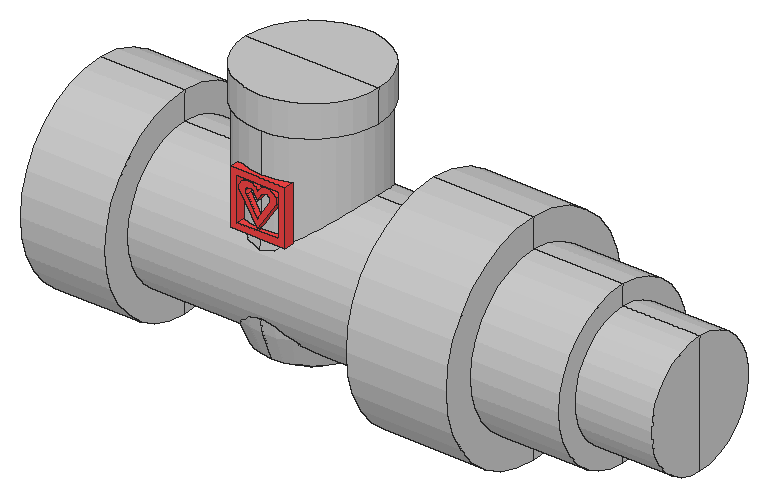
Revit family "RL-1 Return Valve Straight Model 3723", category Rohrzubehör, Revit 2021
Family settings
  Bemaßung runder Anschluss = Durchmesser verwenden
  Teiletyp = Unterbricht
  OmniClass-Nummer = 23.65.55.14
  OmniClass-Titel = Valves for Liquid Services
  Arbeitsebenenbasiert = Nein
  Immer vertikal = Nein
  Beim Laden mit Abzugskörper schneiden = Nein
  Gemeinsam genutzt = Nein
Parameters
  W01 = 60.00°  # constant formula
  Vorgabe-Ansicht = 0.000 mm
  URL = "www.herzvalves.com"
  SCRNSEQ = "ARM;ARM_TYP=\"ALLF\";2"
  SCRNCODE = "05;01;02"  # constant formula
  S04 = 45.000 mm  # constant formula
  S03 = 61.000 mm  # constant formula
  S02 [instance] = L05 + L06 + L07  # 63.900 mm
  S01 = 10.000 mm  # constant formula
  R06 = 11.000 mm  # constant formula
  R05 = 25.000 mm  # constant formula
  R04 = 2.000 mm  # constant formula
  R03 = 28.000 mm  # constant formula
  R02 = 11.500 mm  # constant formula
  R01 = 10.500 mm  # constant formula
  Part number [instance] = size_lookup("3723_1_", "Artnr", 0, Nennweite)  # 1372342
  Nennweite [instance] = 20.000 mm
  Model = "All models are nickel-plated and are universal models with special socket for threaded pipe and compression union."
  Medium = "Hot water purity according to Austrian standard ÖNORM H 5195 and/or VDI guideline 2035."
  Max. operating temperature = 110 °C  # constant formula
  Max. operating pressure = 1000000.0 Pa  # constant formula
  LO1 = 7.000 mm  # constant formula
  L07 [instance] = size_lookup("3723_1_", "L7", 1.000 mm, Nennweite)  # 27.400 mm
  L06 [instance] = size_lookup("3723_1_", "L6", 1.000 mm, Nennweite)  # 16.500 mm
  L05 [instance] = L02 - L04  # 20.000 mm
  L04 [instance] = size_lookup("3723_1_", "L4", 1.000 mm, Nennweite)  # 10.000 mm
  L03 [instance] = size_lookup("3723_1_", "L3", 1.000 mm, Nennweite)  # 14.000 mm
  L02 [instance] = size_lookup("3723_1_", "L2", 1.000 mm, Nennweite)  # 30.000 mm
  L01 [instance] = size_lookup("3723_1_", "L1", 1.000 mm, Nennweite)  # 35.000 mm
  Hersteller = "HERZ Armaturen Ges.m.b.H."  # constant formula
  H05 = 5.200 mm  # constant formula
  H04 = 3.500 mm  # constant formula
  H03 = 28.000 mm  # constant formula
  H02 [instance] = 25.500 mm  # constant formula
  H01 = 17.000 mm  # constant formula
  Body = "nickel-plated"  # constant formula
  GTI [instance] = size_lookup("3723_1_", "GT1", 1.000 mm, Nennweite)  # 12.700 mm
  GT [instance] = size_lookup("3723_1_", "GT", 1.000 mm, Nennweite)  # 9.500 mm
  G2 [instance] = Nennweite / 2  # 10.000 mm
  G1 [instance] = Nennweite / 2  # 10.000 mm
  D05 [instance] = size_lookup("3723_1_", "D5", 1.000 mm, Nennweite)  # 13.220 mm
  D04 [instance] = size_lookup("3723_1_", "D4", 1.000 mm, Nennweite)  # 18.000 mm
  D03 [instance] = size_lookup("3723_1_", "D3", 1.000 mm, Nennweite)  # 13.000 mm
  D02 [instance] = size_lookup("3723_1_", "D2", 1.000 mm, Nennweite)  # 12.000 mm
  D01 [instance] = size_lookup("3723_1_", "D1", 1.000 mm, Nennweite)  # 16.500 mm
  Application = "Hot Water Heating Systems\r\nAfter installation of the return valve it is possible to close the radiator return connection.\r\nWhen the intake valve is closed simultaneously (0-position for thermostatic valves) it is possible to remove the radiator while the heating system remains under pressure.\r\nThus, it is possible to perform servicing operations and to work behind the radiator (wall-papering, laying tiles) without having to switch off the rest of the system.\r\nIf presetting of the return valve or filling and draining of the radiators or of the entire system through the return valve is required, we recommend using the HERZ-RL-5 return valve."
Reference planes
  plane 1 "Mitte (Vorne/hinten)": y = 0
  plane 2: z = 0
  plane 3 "Mitte (Links/rechts)": x = 0
Forms (mm)
  Revolve 1, solid, material "Messing, weicher Gelbton, geschweißt", detail levels fine
    sketch origin (0, 0, 0) x (1, 0, 0) y (0, 0, 1)
      loop
        line (-25.5, 0) -> (30, 0) -> (30, 13) -> (20, 13) -> (20, 12) -> (-21, 12) -> (-21, 16.5) -> (-35, 16.5) -> (-35, 10) -> (-25.5, 10) -> (-25.5, 0)
      axis (-35, 0) -> (30, 0)
    angle from 0 to 360
  Revolve 2, solid, material "Messing, weicher Gelbton, geschweißt", detail levels fine
    sketch origin (0, 0, 0) x (0, 1, 0) y (0, 0, 1)
      loop
        line (0, 25.5) -> (-10.5, 25.5) -> (-10.5, 7)
        arc (-10.5, 7) -> (-11.341, -2.816) -> (-8.325, -12.194) r 25
        line (-8.325, -12.194) -> (0, -17) -> (0, 25.5)
      axis (0, -17) -> (0, 25.5)
    angle from 0 to 360
  Revolve 3, solid, material "Messing, weicher Gelbton, geschweißt", detail levels fine
    sketch origin (0, 0, 0) x (1, 0, 0) y (0, 0, 1)
      loop
        line (30, 0) -> (63.9, 0) -> (63.9, 10) -> (51.2, 10) -> (51.2, 13.22) -> (36.5, 13.22) -> (36.5, 18) -> (20, 18) -> (20, 13) -> (30, 13) -> (30, 0)
      axis (20, 0) -> (63.9, 0)
    angle from 0 to 360
  Revolve 4, solid, material "Messing, weicher Gelbton, geschweißt", detail levels fine
    sketch origin (0, 0, 0) x (1, 0, 0) y (0, 0, 1)
      loop
        line (0, 22.8) -> (11, 22.8) -> (11, 28) -> (0, 28) -> (0, 22.8)
      axis (0, 28) -> (0, 22.8)
    angle from 0 to 360
Lines and regions (mm)
  model lines, detail levels coarse+medium
    curve 1: line (-35, 0, 16.5) -> (-35, 0, -16.5)
    curve 2: line (-35, 0, -16.5) -> (35, 0, 16.5)
    curve 3: line (35, 0, 16.5) -> (35, 0, -16.5)
    curve 4: line (35, 0, -16.5) -> (-35, 0, 16.5)
    curve 5: line (35, 0, 16.5) -> (45, 0, 16.5)
    curve 6: line (45, 0, 16.5) -> (35, 0, 0)
    curve 7: line (35, 0, -16.5) -> (45, 0, -16.5)
    curve 8: line (45, 0, -16.5) -> (35, 0, 0)
    curve 9: line (35, 0, 0) -> (63.9, 0, 0)
    curve 10: line (-35, 16.5, 0) -> (-35, -16.5, 0)
    curve 11: line (-35, -16.5, 0) -> (35, 16.5, 0)
    curve 12: line (35, 16.5, 0) -> (35, -16.5, 0)
    curve 13: line (35, -16.5, 0) -> (-35, 16.5, 0)
    curve 14: line (35, 16.5, 0) -> (45, 16.5, 0)
    curve 15: line (45, 16.5, 0) -> (35, 0, 0)
    curve 16: line (35, -16.5, 0) -> (45, -16.5, 0)
    curve 17: line (45, -16.5, 0) -> (35, 0, 0)
Dimensions and locks
  "L01": Revolve 1 sketch curve to plane 3 "Mitte (Links/rechts)"
  "L02": Revolve 1 sketch curve to plane 3 "Mitte (Links/rechts)"
  "G1": Revolve 1 sketch curve to plane 2
  "GT": Revolve 1 sketch curve to Revolve 1 sketch curve
  "D01": Revolve 1 sketch curve to Revolve 1 sketch curve
  "D02": Revolve 1 sketch curve to Revolve 1 sketch curve
  "D03": Revolve 1 sketch curve to Revolve 1 sketch curve
  "L03": Revolve 1 sketch curve to Revolve 1 sketch curve
  "L04": Revolve 1 sketch curve to Revolve 1 sketch curve
  "H01": plane 2 to Revolve 2 sketch curve
  "H02": Revolve 2 sketch curve to plane 2
  "R01": Revolve 2 sketch curve to plane 1 "Mitte (Vorne/hinten)"
  "R02": Revolve 2 sketch curve to plane 1 "Mitte (Vorne/hinten)"
  "D03": Revolve 3 sketch curve to plane 2
  "L04": Revolve 3 sketch curve to Revolve 3 sketch curve
  "L05": Revolve 3 sketch curve to plane 3 "Mitte (Links/rechts)"
  "L06": Revolve 3 sketch curve to Revolve 3 sketch curve
  "L07": Revolve 3 sketch curve to Revolve 3 sketch curve
  "D04": Revolve 3 sketch curve to Revolve 3 sketch curve
  "G2": Revolve 3 sketch curve to Revolve 3 sketch curve
  "D05": Revolve 3 sketch curve to Revolve 3 sketch curve
  "GTI": Revolve 3 sketch curve to Revolve 3 sketch curve
  "LO1": nested 1 to plane 2
  "D01": curve 4 to plane 2 to curve 2
  "D01": curve 3 to plane 2 to curve 4
  "L01": curve 1 to plane 3 "Mitte (Links/rechts)" to curve 3
  "S01": curve 3 to curve 6
  "S02": curve 9 to plane 3 "Mitte (Links/rechts)"
  "L01": curve 10 to plane 3 "Mitte (Links/rechts)" to curve 12
  "D01": curve 11 to plane 1 "Mitte (Vorne/hinten)" to curve 13
  "D01": curve 13 to plane 1 "Mitte (Vorne/hinten)" to curve 12
  "S01": curve 12 to curve 15
  "S01": curve 12 to curve 17
  "H03": Revolve 4 sketch curve to plane 2
  "H05": Revolve 4 sketch curve to Revolve 4 sketch curve
  "R06": Revolve 4 sketch curve to Revolve 4 sketch curve
  "R05": radius of Revolve 2 sketch curve
  "W01": angle Revolve 2 sketch curve to Revolve 2 sketch curve
  aligned and locked: level to plane 2
Automatic sketch dimensions
  curve 9 to level = 0.000 mm
  curve 3 to curve 8 = 10.000 mm
  plane 1 "Mitte (Vorne/hinten)" to curve 17 = 0.000 mm
  Revolve 1 sketch curve to level = 0.000 mm  (x2)
  Revolve 1 sketch curve to Revolve 1 sketch curve = 1436.530 mm
  Revolve 1 sketch curve to Revolve 1 sketch curve = 1779.148 mm
  Revolve 2 sketch curve to plane 1 "Mitte (Vorne/hinten)" = 0.000 mm  (x2)
  Revolve 2 sketch curve to level = 0.000 mm
  Revolve 2 sketch curve to Revolve 2 sketch curve = 98.333 mm
  Revolve 2 sketch curve to Revolve 2 sketch curve = 1236.335 mm
  Revolve 3 sketch curve to level = 0.000 mm  (x2)
  Revolve 3 sketch curve to plane 3 "Mitte (Links/rechts)" = 1506.530 mm
  Revolve 3 sketch curve to Revolve 3 sketch curve = 1789.648 mm
  Revolve 4 sketch curve to plane 3 "Mitte (Links/rechts)" = 0.000 mm  (x2)
  Revolve 4 sketch curve to level = 366.045 mm
  Revolve 4 sketch curve to Revolve 4 sketch curve = 2188.615 mm
Nested families
  nested 1: "Herz-Logo-vorne" at (0, -10.5, 11.5) x (0, 1, 0) z (0, 0, 1), type "Herz-Logo-vorne", detail levels fine
Connectors
  piping at (-25.5, 0, 0), diameter 20, driven by "Nennweite"
    settings: on Revolve 1, index 1, connector inside diameter 609.6 mm, connector length 0.000 mm, flow factor 0, pipe flow 0.0 L/s, pressure drop 0.0 Pa, fitting loss kfactor 0, connector angle 0.00°, fixture units 0, engagement length 0.000 mm, angle of deflection 0.00°, flow configuration 0, flow direction 1, fitting loss method 0, system type 8, joint type 0, gender type 0, connector reference index -1, connector utility 0, adjustable connector no, is connector primary yes, connector description ""
  piping at (63.9, 0, 0), diameter 20, driven by "Nennweite"
    settings: on Revolve 3, index 2, connector inside diameter 609.6 mm, connector length 0.000 mm, flow factor 0, pipe flow 0.0 L/s, pressure drop 0.0 Pa, fitting loss kfactor 0, connector angle 0.00°, fixture units 0, engagement length 0.000 mm, angle of deflection 0.00°, flow configuration 0, flow direction 2, fitting loss method 0, system type 8, joint type 0, gender type 0, connector reference index -1, connector utility 0, adjustable connector no, is connector primary no, connector description ""
Definition of nested family "Herz-Logo-vorne"
  Parameters (values of type "Herz-Logo-vorne")
    Default Elevation = 0.000 mm
  Reference planes
    plane 1 "Mitte (Vorne/hinten)": y = 0
    plane 2: z = 0
    plane 3 "Mitte (Links/rechts)": x = 0
  Forms (mm)
    Extrusion 1, solid
      sketch origin (0.732, -0.018, 0.017) x (0, -1, 0) y (0, 0, 1)
        loop
          line (-0.018, -4.517) -> (4.482, -4.517) -> (4.482, 4.483) -> (-4.518, 4.483) -> (-4.518, -4.517) -> (-0.018, -4.517)
        loop
          line (-0.05, -3.48) -> (3.482, -3.48) -> (3.482, 3.483) -> (-3.518, 3.483) -> (-3.518, -3.48) -> (-0.05, -3.48)
        loop
          arc (-0.018, 2.383) -> (-1.543, 3.287) -> (-3.067, 2.383) r 1.738
          arc (-3.067, 2.383) -> (-3.191, 1.899) -> (-3.067, 1.415) r 1.009
          line (-3.067, 1.415) -> (-0.018, -3.281) -> (3.032, 1.415)
          arc (3.032, 1.415) -> (3.156, 1.899) -> (3.032, 2.383) r 1.009
          arc (3.032, 2.383) -> (1.507, 3.287) -> (-0.018, 2.383) r 1.738
        loop
          arc (1.885, 1.272) -> (2.005, 1.675) -> (1.885, 2.079) r 0.74
          arc (1.885, 2.079) -> (1.265, 2.416) -> (0.644, 2.079) r 0.74
          line (0.644, 2.079) -> (-0.018, 0.97) -> (-0.679, 2.079)
          arc (-0.679, 2.079) -> (-1.3, 2.416) -> (-1.921, 2.079) r 0.74
          arc (-1.921, 2.079) -> (-2.04, 1.675) -> (-1.921, 1.272) r 0.74
          line (-1.921, 1.272) -> (-0.018, -1.658) -> (1.885, 1.272)
      from 0 to 1.5
  Dimensions and locks
    aligned and locked: level to plane 2
